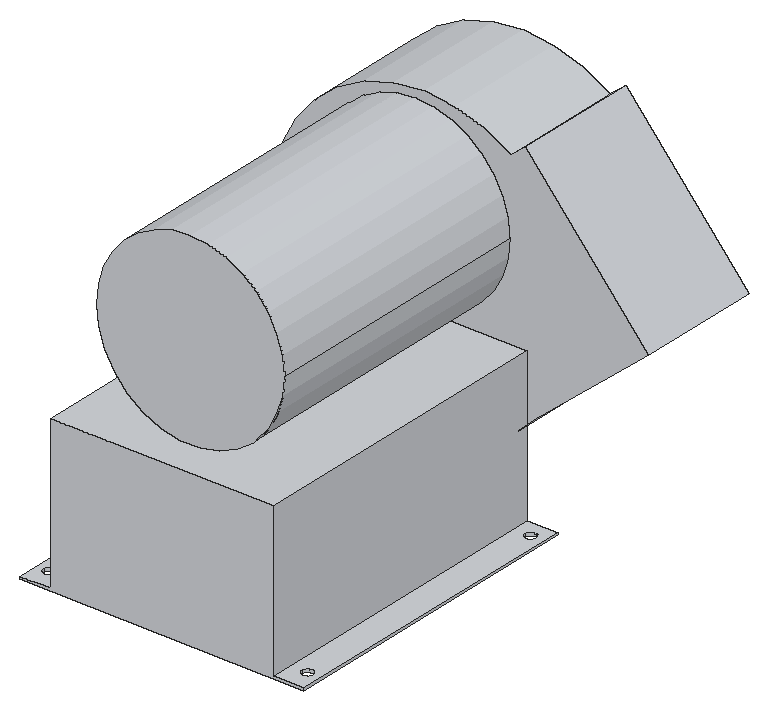
Revit family "CPFD_CCW_BAU", category Mechanical Equipment, Revit 2019
Family settings
  Round Connector Dimension = Use Radius
  Part Type = Normal
  Work Plane-Based = No
  Always vertical = Yes
  Cut with Voids When Loaded = No
  Shared = No
  Room Calculation Point = No
Parameters (values of type "9_CPFD_CCW_BAU")
  Unit Weight [instance] = ""
  T_SQ/2 = T_SQ / 2  # 1' - 4"
  T_SQ = 2' - 8"
  Sones [instance] = ""
  SPACE = 0' - 2"
  S = 0' - 1 9/16"
  R = 0' - 5 1/2"
  Q = 0' - 4 3/8"
  P/6 = P / 6  # 0' - 1 1/2"
  P/2 = P / 2  # 0' - 4 1/2"
  P = 0' - 9"
  N/2 = N / 2  # 0' - 0 9/32"
  N = 0' - 0 9/16"
  Motor RPM [instance] = ""
  Motor Enclosure [instance] = ""
  ModelID [instance] = ""
  M = 0' - 4 5/8"
  LwA [instance] = ""
  L = 0' - 7 5/8"
  K = 0' - 1"
  J = 1' - 1 3/4"
  H/2 = H / 2  # 0' - 6 3/8"
  H-1.5" = H - 0' 1 1/2"  # 0' - 11 1/4"
  H = 1' - 0 3/4"
  G-Q = 0' - 5 49/128"
  G-1" = G - 0' 1"  # 0' - 10 1/2"
  G = 0' - 11 1/2"
  Fan RPM [instance] = ""
  F+1.25" = -(F + 0' 1 1/4")  # -0' - 7 1/8"
  F+.25" = -(F + 0' 0 1/4")  # -0' - 6 1/8"
  F = 0' - 5 7/8"
  E+.25" = E + 0' 0 1/4"  # 0' - 10 1/8"
  E = 0' - 9 7/8"
  D-S = D - S  # 0' - 9 9/16"
  D+R = D + R  # 1' - 4 5/8"
  D = 0' - 11 1/8"
  C/2 = C / 2  # 0' - 8 21/32"
  C = 1' - 5 5/16"
  B/2 = B / 2  # 0' - 10 7/8"
  B-F-2" = B - F - 0' 2"  # 1' - 1 7/8"
  B-F-.25" = B - F - 0' 0 1/4"  # 1' - 3 5/8"
  B = 1' - 9 3/4"
  Accessories [instance] = ""
  A/2 = A / 2  # 0' - 7"
  A = 1' - 2"
  45 = -45.00°  # constant formula
  3" = 0' - 3"  # constant formula
  Brake Hp [instance] = ""
  4" = 0' - 4"  # constant formula
  2' = 2' - 0"
  2" = 0' - 2"  # constant formula
  1" = 0' - 1"  # constant formula
  0 = 0' - 0"  # constant formula
  Voltage [instance] = 0 V
  URL = "www.lorencook.com"
  Type Comments = "Forward Curved Centrifugal Blower Direct Drive Counter-Clockwise Bottom Angular Up Arrangement 4"  # constant formula
  Static Pressure [instance] = 0.00 in-wg
  Power [instance] = Voltage * Motor FLA * sqrt(if(Phase = 3, 3, 1))  # 0 VA
  Phase [instance] = 0
  Number of Poles [instance] = 1
  Motor Hp [instance] = "0"
  Motor FLA [instance] = 0 A
  Model = "CPFD_CCW_BAU"  # constant formula
  Manufacturer = "Loren Cook Company"
  CFM [instance] = 0 CFM
  1.5 = 0' - 1 1/2"  # constant formula
  ONE EIGTH = 0' - 0 1/8"  # constant formula
  (P/2)-.125" = (P / 2) - 0' 0 1/8"  # 0' - 4 3/8"
Types (6): name | SPACE | S | R | Q | P/6 | P/2 | P | N/2 | N | M | L | J | H/2 | H-1.5" | H | G-1" | G | F+1.25" | F+.25" | F | E+.25" | E | D-S | D+R | D | C/2 | C | B/2 | B-F-2" | B-F-.25" | B | A/2 | A | (P/2)-.125"
  (no name) | 0' - 2" | 0' - 1 9/16" | 0' - 5 1/2" | 0' - 4 3/8" | 0' - 1 1/2" | 0' - 4 1/2" | 0' - 9" | 0' - 0 9/32" | 0' - 0 9/16" | 0' - 4 5/8" | 0' - 7 5/8" | 1' - 1 3/4" | 0' - 6 3/8" | 0' - 11 1/4" | 1' - 0 3/4" | 0' - 10 1/2" | 0' - 11 1/2" | -0' - 7 1/8" | -0' - 6 1/8" | 0' - 5 7/8" | 0' - 10 1/8" | 0' - 9 7/8" | 0' - 9 9/16" | 1' - 4 5/8" | 0' - 11 1/8" | 0' - 8 21/32" | 1' - 5 5/16" | 0' - 10 7/8" | 1' - 1 7/8" | 1' - 3 5/8" | 1' - 9 3/4" | 0' - 7" | 1' - 2" | 0' - 4 3/8"
  6_CPFD_CCW_BAU | 0' - 1 1/2" | 0' - 1 1/4" | 0' - 4 3/8" | 0' - 3 11/16" | 0' - 1.16667" | 0' - 3 1/2" | 0' - 7" | 0' - 0 7/32" | 0' - 0 7/16" | 0' - 3 5/8" | 0' - 4 5/8" | 0' - 10 3/4" | 0' - 6 1/4" | 0' - 11" | 1' - 0 1/2" | 0' - 8 3/8" | 0' - 9 3/8" | -0' - 5 7/8" | -0' - 4 7/8" | 0' - 4 5/8" | 0' - 8 1/8" | 0' - 7 7/8" | 0' - 6 7/8" | 1' - 0 1/2" | 0' - 8 1/8" | 0' - 6 9/16" | 1' - 1 1/8" | 0' - 9 1/4" | 0' - 11 7/8" | 1' - 1 5/8" | 1' - 6 1/2" | 0' - 6 3/4" | 1' - 1 1/2" | 0' - 3 3/8"
  7_CPFD_CCW_BAU | 0' - 1 1/2" | 0' - 1 1/4" | 0' - 4 3/4" | 0' - 3 7/8" | 0' - 1.16667" | 0' - 3 1/2" | 0' - 7" | 0' - 0 7/32" | 0' - 0 7/16" | 0' - 3 5/8" | 0' - 7 1/8" | 1' - 0 1/4" | 0' - 6 1/4" | 0' - 11" | 1' - 0 1/2" | 0' - 8 7/8" | 0' - 9 7/8" | -0' - 6 5/8" | -0' - 5 5/8" | 0' - 5 3/8" | 0' - 8 5/8" | 0' - 8 3/8" | 0' - 9 3/8" | 1' - 3 3/8" | 0' - 10 5/8" | 0' - 8" | 1' - 4" | 0' - 10 1/8" | 1' - 0 7/8" | 1' - 2 5/8" | 1' - 8 1/4" | 0' - 6 3/4" | 1' - 1 1/2" | 0' - 3 3/8"
  9_CPFD_CCW_BAU | 0' - 2" | 0' - 1 9/16" | 0' - 5 1/2" | 0' - 4 3/8" | 0' - 1 1/2" | 0' - 4 1/2" | 0' - 9" | 0' - 0 9/32" | 0' - 0 9/16" | 0' - 4 5/8" | 0' - 7 5/8" | 1' - 1 3/4" | 0' - 6 3/8" | 0' - 11 1/4" | 1' - 0 3/4" | 0' - 10 1/2" | 0' - 11 1/2" | -0' - 7 1/8" | -0' - 6 1/8" | 0' - 5 7/8" | 0' - 10 1/8" | 0' - 9 7/8" | 0' - 9 9/16" | 1' - 4 5/8" | 0' - 11 1/8" | 0' - 8 21/32" | 1' - 5 5/16" | 0' - 10 7/8" | 1' - 1 7/8" | 1' - 3 5/8" | 1' - 9 3/4" | 0' - 7" | 1' - 2" | 0' - 4 3/8"
  10_CPFD_CCW_BAU | 0' - 1 1/2" | 0' - 1 3/4" | 0' - 6 7/16" | 0' - 4 15/16" | 0' - 1 1/2" | 0' - 4 1/2" | 0' - 9" | 0' - 0 9/32" | 0' - 0 9/16" | 0' - 4 5/8" | 0' - 9 7/8" | 1' - 1 3/4" | 0' - 7 1/8" | 1' - 0 3/4" | 1' - 2 1/4" | 1' - 0 1/16" | 1' - 1 1/16" | -0' - 7 5/8" | -0' - 6 5/8" | 0' - 6 3/8" | 0' - 11 5/8" | 0' - 11 3/8" | 1' - 0 5/8" | 1' - 8 13/16" | 1' - 2 3/8" | 0' - 10 5/8" | 1' - 9 1/4" | 0' - 11 1/8" | 1' - 1 7/8" | 1' - 3 5/8" | 1' - 10 1/4" | 0' - 7 3/4" | 1' - 3 1/2" | 0' - 4 3/8"
  12_CPFD_CCW_BAU | 0' - 2 1/2" | 0' - 2 1/2" | 0' - 7 1/16" | 0' - 5 11/16" | 0' - 2.08333" | 0' - 6 1/4" | 1' - 0 1/2" | 0' - 0 9/32" | 0' - 0 9/16" | 0' - 4 5/8" | 0' - 9 7/8" | 1' - 2 1/4" | 0' - 7 7/8" | 1' - 2 1/4" | 1' - 3 3/4" | 1' - 2 3/16" | 1' - 3 3/16" | -0' - 7 1/8" | -0' - 6 1/8" | 0' - 5 7/8" | 1' - 1 5/8" | 1' - 1 3/8" | 0' - 11 7/8" | 1' - 9 7/16" | 1' - 2 3/8" | 0' - 11 3/16" | 1' - 10 3/8" | 0' - 11 3/8" | 1' - 2 7/8" | 1' - 4 5/8" | 1' - 10 3/4" | 0' - 8 1/2" | 1' - 5" | 0' - 6 1/8"
Reference planes (in)
  plane 1 "Center (Front/Back)": y = 0
  plane 2: z = 0
  plane 3 "Center (Left/Right)": x = 0.40541
Forms (in)
  Extrusion 1, solid
    sketch origin (0, 0, 0) x (1, 0, 0) y (0, 0, 1)
      loop
        line (-6.59459, 0) -> (7.40541, 0) -> (7.40541, 0.125) -> (5.90541, 0.125) -> (5.90541, 7.625) -> (-5.09459, 7.625) -> (-5.09459, 0.125) -> (-6.59459, 0.125) -> (-6.59459, 0)
    from 0 to 15.625 <- "B-F-.25""
  Extrusion 2, solid
    sketch origin (0, 0, 0) x (1, 0, 0) y (0, 0, 1)
      loop
        circle (0.40541, 12.25) r 4.625
    from 0 to 13.875 <- "B-F-2""
  Extrusion 3, solid
    sketch origin (0, 0, 0) x (1, 0, 0) y (0, 0, 1)
      loop
        circle (0.40541, 11.125) r 4.5
      loop
        circle (0.40541, 11.125) r 4.375
    from -7.125 <- "F+1.25"" to -6.125 <- "F+.25""
  Extrusion 4, void
    sketch origin (0, 0, 0) x (1, 0, 0) y (0, 1, 0)
      loop
        circle (-5.96959, -14.625) r 0.28125
      loop
        circle (-5.96959, -0.875) r 0.28125
      loop
        circle (6.78041, -14.625) r 0.28125
      loop
        circle (6.78041, -0.875) r 0.28125
    from 0 to 0.125
  Extrusion 5, solid
    sketch origin (0, 0, 0) x (1, 0, 0) y (0, 0, 1)
      loop
        line (5.84369, 16.625) -> (5.08487, 15.9737)
        arc (5.08487, 15.9737) -> (-6.63975, 8.80479) -> (6.55777, 4.97264) r 7.51098
        line (6.55777, 4.97264) -> (11.90541, 9.5625) -> (5.84369, 16.625)
    from 0 to -6.125 <- "F+.25""
  Revolve 6, void
    sketch origin (0.40541, 0, 0) x (0, 1, 0) y (0, 0, 1)
      loop
        arc (6.125, 15.5) -> (5.68566, 14.43934) -> (4.625, 14) r 1.5
        line (4.625, 14) -> (4.625, 11.125) -> (6.125, 11.125) -> (6.125, 15.5)
      axis (4.625, 11.125) -> (6.125, 11.125)
    angle from 0 to 360
Cuts and joins
  Extrusion 4 cuts Extrusion 1
  Revolve 6 cuts Extrusion 3
  Revolve 6 cuts Extrusion 5
Lines and regions (in)
  model lines
    curve 1: line (0.40541, 0, 11.125) -> (-6.41946, 0, 17.94987)
Dimensions and locks (in)
  "A/2": plane 3 "Center (Left/Right)" to Extrusion 1 sketch curve
  "A/2": Extrusion 1 sketch curve to plane 3 "Center (Left/Right)"
  "1.5": Extrusion 1 sketch curve to Extrusion 1 sketch curve  (x2)
  "L": Extrusion 1 sketch curve to level
  "ONE EIGTH": Extrusion 1 sketch curve to Extrusion 1 sketch curve  (x2)
  "0": Extrusion 2 sketch curve to Extrusion 1
  "0": Extrusion 2 sketch curve to plane 3 "Center (Left/Right)"
  "M": Extrusion 2 sketch curve to Extrusion 1
  "0": Extrusion 3 sketch curve to plane 3 "Center (Left/Right)"  (x2)
  "K": Extrusion 1 to Extrusion 4 sketch curve  (x2)
  "J": Extrusion 4 sketch curve to Extrusion 4 sketch curve  (x2)
  "H/2": Extrusion 4 sketch curve to plane 3 "Center (Left/Right)"  (x4)
  locked: Extrusion 3 sketch curve to Extrusion 3 sketch curve
  "D": Extrusion 3 sketch curve to level
  "D": Revolve 6 sketch curve to level
  "0": Revolve 6 sketch curve to Revolve 6 sketch curve
  "P/6": Extrusion 5 to Revolve 6 sketch curve
  "(P/2)-.125"": Revolve 6 sketch curve to Revolve 6 sketch curve
  "D": level to curve 1
  "1"": Extrusion 5 sketch curve to Extrusion 5 sketch curve
  "C": level to Extrusion 5 sketch curve
  "G": Extrusion 5 sketch curve to plane 3 "Center (Left/Right)"
  "D-S": level to Extrusion 5 sketch curve
  "D+R": level to Extrusion 5 sketch curve
  "0": curve 1 to Extrusion 5 sketch curve
  "P/2": radius of Extrusion 3 sketch curve
  "(P/2)-.125"": radius of Extrusion 3 sketch curve
  "N/2": radius of Extrusion 4 sketch curve  (x4)
  "P/6": radius of Revolve 6 sketch curve
  "45": angle curve 1 to level
Automatic sketch dimensions
  Extrusion 1 sketch curve to level = 0' - 0"
  Revolve 6 sketch curve to Revolve 6 sketch curve = 0' - 0"
  Revolve 6 sketch curve to Revolve 6 sketch curve = 0' - 2 3/4"
  curve 1 to plane 3 "Center (Left/Right)" = 0' - 0"
  Extrusion 5 sketch curve to Extrusion 5 sketch curve = 0' - 0.75882"
Connectors (in)
  electrical at (0.40541, -13.875, 12.25)
    settings: on Extrusion 2, index 1, voltage 0 V, apparent load 0 VA, apparent load phase1 0 VA, apparent load phase2 0 VA, apparent load phase3 0 VA, power factor 1, load classification "Other", number of poles 1, system type 30, power factor state 1, is connector primary yes, connector utility no, sub classification motor no, connector description ""
  hvac at (0.40541, 7.125, 11.125), driven by "P/2"
    settings: on Extrusion 3, index 4, duct flow 0 CFM, flow factor 0, pres drop 0.00 in-wg, loss coef 0, conn angle 0.00°, conn width 12", conn height 12", conn diameter 9", duct sys type 29, conn prof type 0, flow config 0, flow direction 1, loss method 0, conn ref index -1, conn util no, is conn primary yes, conn desc ""
  hvac at (8.87455, 3.0625, 13.09375), driven by "E", driven by "F"
    settings: on cut or joined group of Extrusion 5, Revolve 6, index 5, duct flow 0 CFM, flow factor 0, pres drop 0.00 in-wg, loss coef 0, conn angle 0.00°, conn width 5 7/8", conn height 9 7/8", conn diameter 24", duct sys type 29, conn prof type 1, flow config 0, flow direction 2, loss method 0, conn ref index -1, conn util no, is conn primary no, conn desc ""
